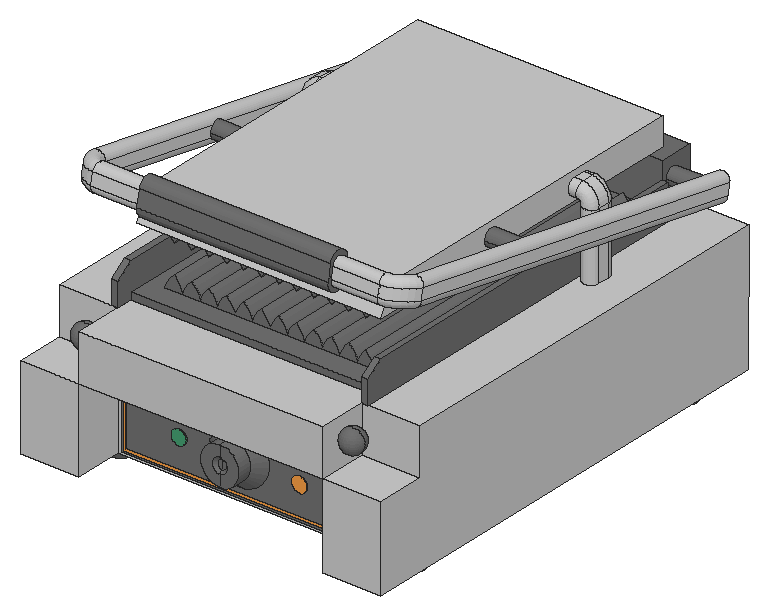
Revit family "QF_BLIZZARD_BRRCG1", category Specialty Equipment, Revit 2016
Family settings
  Part Type = Normal
  Round Connector Dimension = Use Diameter
  OmniClass Number = 23.40.40.14
  OmniClass Title = Food Service Equipment
  Work Plane-Based = No
  Always vertical = Yes
  Cut with Voids When Loaded = No
  Shared = No
  Room Calculation Point = No
Parameters (values of type "BRRCG1")
  URL = "www.blizzardequipment.com"
  Show Logo [instance] = yes
  Show Clearance [instance] = yes
  Model = "BRRCG1"
  Manufacturer = "BLIZZARD"
  Description = "1800W SINGLE CONTACT GRILL TOP & BOTTOM RIBBED"
  Assembly Code = "E1090320"
Reference planes
  plane 1 "Back": y = 0
  plane 2: z = 0
  plane 3 "Left": x = 0
  plane 4 "Right": x = 310
  plane 5 "Front": y = -395
  plane 6 "Top": z = 210
Forms (mm)
  Extrusion 1, solid
    sketch origin (-257.5, -351.4, -34) x (1, 0, 0) y (0, 0, 1)
      loop
        line (315, 118.638) -> (315, 58.638) -> (510, 58.638) -> (510, 118.638) -> (315, 118.638)
      loop
        line (313, 120.638) -> (313, 56.638) -> (512, 56.638) -> (512, 120.638) -> (313, 120.638)
    from 0 to 2
  Blend 2, solid
    base sketch origin (80.349, 323.214, 0) x (-1, 0, 0) y (0, -1, 0)
      loop
        circle (50.349, 353.214) r 10
    top sketch origin (80.349, 323.214, 0) x (-1, 0, 0) y (0, -1, 0)
      loop
        circle (50.349, 353.214) r 20
    from 0 to 18.638
  Revolve 3, solid
    sketch origin (155, 241.8, -11.985) x (0, 1, 0) y (0, 0, 1)
      loop
        line (-595, 92) -> (-603.953, 83.047) -> (-615.72, 83.047) -> (-615.72, 73.047) -> (-613.494, 70.821) -> (-613.494, 66.623) -> (-595, 66.623) -> (-595, 92)
      axis (-595, 66.623) -> (-615.72, 66.623)
    angle from 0 to 360
  Extrusion 4, solid
    sketch origin (50.474, -352.473, 298.429) x (0, 0, -1) y (1, 0, 0)
      loop
        circle (248.792, 52.683) r 6.466
    from -0.205 to 1.127
  Extrusion 5, solid, visible <- "Show Logo"
    sketch origin (37.37, -351.6, -70.354) x (1, 0, 0) y (0, 0, 1)
      loop
        arc (22.13, 139.05) -> (23.822, 134.965) -> (27.907, 133.273) r 5.777
        line (27.907, 133.273) -> (86.809, 133.273)
        arc (86.809, 133.273) -> (90.894, 134.965) -> (92.585, 139.05) r 5.777
        line (92.585, 139.05) -> (92.585, 147.215)
        arc (92.585, 147.215) -> (90.894, 151.299) -> (86.809, 152.991) r 5.777
        line (86.809, 152.991) -> (27.907, 152.991)
        arc (27.907, 152.991) -> (23.822, 151.299) -> (22.13, 147.215) r 5.777
        line (22.13, 147.215) -> (22.13, 139.05)
    from 0 to 2
  Extrusion 6, solid, visible <- "Show Logo"
    sketch origin (37.37, -351.8, -65.345) x (1, 0, 0) y (0, 0, 1)
      loop
        line (30.3, 133.137) -> (36.162, 133.137)
        arc (36.162, 133.137) -> (39.122, 134.994) -> (38.048, 138.319) r 2.844
        arc (38.048, 138.319) -> (38.838, 141.267) -> (36.338, 143.017) r 2.66
        line (36.338, 143.017) -> (31.338, 143.017) -> (30.3, 133.137)
      loop
        line (33.066, 135.126) -> (35.993, 135.126)
        arc (35.993, 135.126) -> (36.943, 136.076) -> (35.993, 137.026) r 0.95
        line (35.993, 137.026) -> (33.066, 137.026) -> (33.066, 135.126)
      loop
        line (33.528, 139.285) -> (36.147, 139.285)
        arc (36.147, 139.285) -> (36.994, 140.133) -> (36.147, 140.98) r 0.847
        line (36.147, 140.98) -> (33.528, 140.98) -> (33.528, 139.285)
      loop
        line (40.306, 133.137) -> (42.874, 133.137) -> (43.912, 143.017) -> (41.344, 143.017) -> (40.306, 133.137)
      loop
        line (45.174, 140.98) -> (47.749, 140.98) -> (47.964, 143.017) -> (45.389, 143.017) -> (45.174, 140.98)
      loop
        line (45.104, 140.313) -> (44.35, 133.137) -> (46.671, 133.137) -> (47.425, 140.313) -> (45.104, 140.313)
      loop
        line (48.314, 138.359) -> (51.196, 138.359) -> (47.765, 134.548) -> (47.765, 133.137) -> (54.184, 133.137) -> (54.393, 135.126) -> (51.213, 135.126) -> (54.657, 138.952) -> (54.657, 140.313) -> (48.519, 140.313) -> (48.314, 138.359)
      loop
        line (55.213, 138.359) -> (58.095, 138.359) -> (54.664, 134.548) -> (54.664, 133.137) -> (61.084, 133.137) -> (61.293, 135.126) -> (58.112, 135.126) -> (61.557, 138.952) -> (61.557, 140.313) -> (55.419, 140.313) -> (55.213, 138.359)
      loop
        arc (64.816, 137.983) -> (65.785, 138.952) -> (66.753, 137.983) r 0.969
        line (66.753, 137.983) -> (64.711, 137.436)
        arc (64.711, 137.436) -> (62.642, 134.297) -> (66.342, 133.633) r 2.251
        line (66.342, 133.633) -> (66.77, 132.921) -> (69.168, 132.921) -> (68.641, 134.052) -> (69.084, 138.274)
        arc (69.084, 138.274) -> (65.782, 140.567) -> (62.514, 138.225) r 3.488
        line (62.514, 138.225) -> (64.816, 137.983)
      loop
        line (69.848, 133.137) -> (72.232, 133.137) -> (72.59, 136.546)
        arc (72.59, 136.546) -> (73.413, 137.974) -> (75.025, 138.32) r 2.029
        line (75.025, 138.32) -> (75.83, 140.313)
        arc (75.83, 140.313) -> (74.279, 140.541) -> (72.927, 139.749) r 2.362
        line (72.927, 139.749) -> (72.927, 140.627) -> (70.635, 140.627) -> (69.848, 133.137)
      loop
        line (82.596, 133.137) -> (83.635, 143.017) -> (81.373, 143.017) -> (81.031, 139.764)
        arc (81.031, 139.764) -> (75.402, 137.124) -> (80.359, 133.372) r 3.631
        line (80.359, 133.372) -> (82.596, 133.137)
      loop
        spline (78.956, 134.82) -> (79.32, 134.851) -> (79.675, 135.016) -> (79.994, 135.304) -> (80.258, 135.695) -> (80.446, 136.164) -> (80.548, 136.677) -> (80.555, 137.2) -> (80.468, 137.697) -> (80.292, 138.134) -> (80.039, 138.483) -> (79.727, 138.718) -> (79.376, 138.823)
        spline (79.376, 138.823) -> (79.011, 138.793) -> (78.657, 138.628) -> (78.338, 138.34) -> (78.074, 137.948) -> (77.886, 137.48) -> (77.784, 136.967) -> (77.777, 136.444) -> (77.864, 135.947) -> (78.04, 135.509) -> (78.293, 135.161) -> (78.605, 134.926) -> (78.956, 134.82)
      loop
        line (66.385, 136.28) -> (64.729, 135.958)
        arc (64.729, 135.958) -> (64.361, 135.233) -> (65.042, 134.788) r 0.609
        arc (65.042, 134.788) -> (66.068, 135.215) -> (66.385, 136.28) r 1.295
      loop
        line (85.459, 146.184) -> (29.578, 146.184)
        arc (29.578, 146.184) -> (25.494, 144.492) -> (23.802, 140.407) r 5.777
        line (23.802, 140.407) -> (23.802, 135.662)
        arc (23.802, 135.662) -> (25.494, 131.578) -> (29.578, 129.886) r 5.777
        line (29.578, 129.886) -> (85.459, 129.886)
        arc (85.459, 129.886) -> (89.544, 131.578) -> (91.236, 135.662) r 5.777
        line (91.236, 135.662) -> (91.236, 140.407)
        arc (91.236, 140.407) -> (89.544, 144.492) -> (85.459, 146.184) r 5.777
      loop
        line (85.459, 145.184) -> (29.578, 145.184)
        arc (29.578, 145.184) -> (26.201, 143.785) -> (24.802, 140.407) r 4.777
        line (24.802, 140.407) -> (24.802, 135.662)
        arc (24.802, 135.662) -> (26.201, 132.285) -> (29.578, 130.886) r 4.777
        line (29.578, 130.886) -> (85.459, 130.886)
        arc (85.459, 130.886) -> (88.837, 132.285) -> (90.236, 135.662) r 4.777
        line (90.236, 135.662) -> (90.236, 140.407)
        arc (90.236, 140.407) -> (88.837, 143.785) -> (85.459, 145.184) r 4.777
    from 0 to 2
  Extrusion 7, solid
    sketch origin (154.16, -352.473, 298.429) x (0, 0, -1) y (1, 0, 0)
      loop
        circle (248.792, 52.683) r 6.466
    from -0.205 to 1.127
  Extrusion 8, solid
    sketch origin (0, 0, 18.638) x (0, 1, 0) y (0, 0, 1)
      loop
        line (0, 112) -> (-353, 112) -> (-353, 72) -> (-395, 72) -> (-395, 0) -> (0, 0) -> (0, 112)
    from 0 to 50
  Extrusion 9, solid
    sketch origin (260, 0, 18.638) x (0, 1, 0) y (0, 0, 1)
      loop
        line (0, 112) -> (-353, 112) -> (-353, 72) -> (-395, 72) -> (-395, 0) -> (0, 0) -> (0, 112)
    from 0 to 50
  Extrusion 10, solid
    sketch origin (0, 0, -79.362) x (0, 1, 0) y (0, 0, 1)
      loop
        line (0, 210) -> (-395, 210) -> (-395, 170) -> (0, 170) -> (0, 210)
    from 50 to 260
  Extrusion 11, solid
    sketch origin (0, 0, 18.638) x (1, 0, 0) y (0, 0, 1)
      loop
        line (50, 72) -> (50, 0) -> (260, 0) -> (260, 72) -> (50, 72)
    from 0 to 353
  Extrusion 12, solid
    sketch origin (-257.5, -351.2, -34) x (1, 0, 0) y (0, 0, 1)
      loop
        line (311, 122.638) -> (311, 54.638) -> (514, 54.638) -> (514, 122.638) -> (311, 122.638)
    from 0 to 2
  Extrusion 13, solid
    sketch origin (45, 0, 0) x (0, 1, 0) y (0, 0, 1)
      loop
        line (-29.799, 130.638) -> (-29.799, 160.638) -> (-339.011, 160.638) -> (-353, 150.638) -> (-353, 130.638) -> (-29.799, 130.638)
    from 0 to 5
  Extrusion 14, solid
    sketch origin (260, 0, 0) x (0, 1, 0) y (0, 0, 1)
      loop
        line (-29.799, 130.638) -> (-29.799, 160.638) -> (-339.011, 160.638) -> (-353, 150.638) -> (-353, 130.638) -> (-29.799, 130.638)
    from 0 to 5
  Extrusion 15, solid
    sketch origin (0, 0, 0) x (1, 0, 0) y (0, 1, 0)
      loop
        line (50, 0) -> (50, -339.011) -> (260, -339.011) -> (260, 0) -> (50, 0)
    from 130.638 to 136.638
  Extrusion 16, solid
    sketch origin (0, 0, 0) x (1, 0, 0) y (0, 0, 1)
      loop
        line (64.445, 136.638) -> (245.555, 136.638)
        arc (245.555, 136.638) -> (242.349, 143.424) -> (237.5, 149.152) r 28.813
        arc (237.5, 149.152) -> (233.111, 144.117) -> (230, 138.208) r 28.813
        arc (230, 138.208) -> (226.889, 144.117) -> (222.5, 149.152) r 28.813
        arc (222.5, 149.152) -> (218.111, 144.117) -> (215, 138.208) r 28.813
        arc (215, 138.208) -> (211.889, 144.117) -> (207.5, 149.152) r 28.813
        arc (207.5, 149.152) -> (203.111, 144.117) -> (200, 138.208) r 28.813
        arc (200, 138.208) -> (196.889, 144.117) -> (192.5, 149.152) r 28.813
        arc (192.5, 149.152) -> (188.111, 144.117) -> (185, 138.208) r 28.813
        arc (185, 138.208) -> (181.889, 144.117) -> (177.5, 149.152) r 28.813
        arc (177.5, 149.152) -> (173.111, 144.117) -> (170, 138.208) r 28.813
        arc (170, 138.208) -> (166.889, 144.117) -> (162.5, 149.152) r 28.813
        arc (162.5, 149.152) -> (158.111, 144.117) -> (155, 138.208) r 28.813
        arc (155, 138.208) -> (151.889, 144.117) -> (147.5, 149.152) r 28.813
        arc (147.5, 149.152) -> (143.111, 144.117) -> (140, 138.208) r 28.813
        arc (140, 138.208) -> (136.889, 144.117) -> (132.5, 149.152) r 28.813
        arc (132.5, 149.152) -> (128.111, 144.117) -> (125, 138.208) r 28.813
        arc (125, 138.208) -> (121.889, 144.117) -> (117.5, 149.152) r 28.813
        arc (117.5, 149.152) -> (113.111, 144.117) -> (110, 138.208) r 28.813
        arc (110, 138.208) -> (106.889, 144.117) -> (102.5, 149.152) r 28.813
        arc (102.5, 149.152) -> (98.111, 144.117) -> (95, 138.208) r 28.813
        arc (95, 138.208) -> (91.889, 144.117) -> (87.5, 149.152) r 28.813
        arc (87.5, 149.152) -> (83.111, 144.117) -> (80, 138.208) r 28.813
        arc (80, 138.208) -> (76.889, 144.117) -> (72.5, 149.152) r 28.813
        arc (72.5, 149.152) -> (67.651, 143.424) -> (64.445, 136.638) r 28.813
    from 44.375 to 320
  Extrusion 17, solid
    sketch origin (0, 0, 334.638) x (0, 1, 0) y (0, 0, 1)
      loop
        line (-29.799, -124.638) -> (-318.953, -124.638) -> (-332.038, -148.123) -> (-29.799, -148.123) -> (-29.799, -124.638)
    from 50 to 260
  Extrusion 18, solid
    sketch origin (0, 0, 323.152) x (1, 0, 0) y (0, 0, 1)
      loop
        arc (64.445, -136.638) -> (67.651, -143.424) -> (72.5, -149.152) r 28.813
        arc (72.5, -149.152) -> (76.889, -144.117) -> (80, -138.208) r 28.813
        arc (80, -138.208) -> (83.111, -144.117) -> (87.5, -149.152) r 28.813
        arc (87.5, -149.152) -> (91.889, -144.117) -> (95, -138.208) r 28.813
        arc (95, -138.208) -> (98.111, -144.117) -> (102.5, -149.152) r 28.813
        arc (102.5, -149.152) -> (106.889, -144.117) -> (110, -138.208) r 28.813
        arc (110, -138.208) -> (113.111, -144.117) -> (117.5, -149.152) r 28.813
        arc (117.5, -149.152) -> (121.889, -144.117) -> (125, -138.208) r 28.813
        arc (125, -138.208) -> (128.111, -144.117) -> (132.5, -149.152) r 28.813
        arc (132.5, -149.152) -> (136.889, -144.117) -> (140, -138.208) r 28.813
        arc (140, -138.208) -> (143.111, -144.117) -> (147.5, -149.152) r 28.813
        arc (147.5, -149.152) -> (151.889, -144.117) -> (155, -138.208) r 28.813
        arc (155, -138.208) -> (158.111, -144.117) -> (162.5, -149.152) r 28.813
        arc (162.5, -149.152) -> (166.889, -144.117) -> (170, -138.208) r 28.813
        arc (170, -138.208) -> (173.111, -144.117) -> (177.5, -149.152) r 28.813
        arc (177.5, -149.152) -> (181.889, -144.117) -> (185, -138.208) r 28.813
        arc (185, -138.208) -> (188.111, -144.117) -> (192.5, -149.152) r 28.813
        arc (192.5, -149.152) -> (196.889, -144.117) -> (200, -138.208) r 28.813
        arc (200, -138.208) -> (203.111, -144.117) -> (207.5, -149.152) r 28.813
        arc (207.5, -149.152) -> (211.889, -144.117) -> (215, -138.208) r 28.813
        arc (215, -138.208) -> (218.111, -144.117) -> (222.5, -149.152) r 28.813
        arc (222.5, -149.152) -> (226.889, -144.117) -> (230, -138.208) r 28.813
        arc (230, -138.208) -> (233.111, -144.117) -> (237.5, -149.152) r 28.813
        arc (237.5, -149.152) -> (242.349, -143.424) -> (245.555, -136.638) r 28.813
        line (245.555, -136.638) -> (64.445, -136.638)
    from 44.375 to 320
  Extrusion 19, solid
    sketch origin (-7.718, 0, 0) x (0, 1, 0) y (0, 0, 1)
      loop
        line (0, 175.551) -> (-29.799, 175.551) -> (-29.799, 136.638) -> (0, 136.638) -> (0, 175.551)
    from 57.718 to 267.718
  Sweep 20, solid
    path origin (0, 6.142, 154.657) x (1, 0, 0) y (0, 0.981627, -0.190809)
      loop
        line (17.517, -14.374) -> (17.517, -348.847)
        arc (17.517, -348.847) -> (22.864, -358.499) -> (32.517, -363.847) r 20
        line (32.517, -363.847) -> (277.483, -363.847)
        arc (277.483, -363.847) -> (287.136, -358.499) -> (292.483, -348.847) r 20
        line (292.483, -348.847) -> (292.483, -14.374)
    profile origin (17.517, -172.132, 189.31) x (1, 0, 0) y (0, 0.190809, 0.981627)
      loop
        line (6.764, -4.744) -> (6.764, 4.744)
        arc (6.764, 4.744) -> (0, 11.508) -> (-6.764, 4.744) r 6.764
        line (-6.764, 4.744) -> (-6.764, -4.744)
        arc (-6.764, -4.744) -> (0, -11.508) -> (6.764, -4.744) r 6.764
  Extrusion 21, solid
    sketch origin (0, 0, 0) x (0, 1, 0) y (0, 0, 1)
      loop
        circle (-19.343, 160.127) r 7.212
    from 24.281 to 50
  Extrusion 22, solid
    sketch origin (215.719, 0, 0) x (0, 1, 0) y (0, 0, 1)
      loop
        circle (-19.343, 160.127) r 7.212
    from 44.281 to 70
  Extrusion 23, solid
    sketch origin (0, -195, 38.131) x (0, 1, 0) y (0, 0, 1)
      loop
        circle (-19.343, 160.127) r 7.212
    from 24.281 to 50
  Extrusion 24, solid
    sketch origin (310, -195, 38.131) x (0, 1, 0) y (0, 0, -1)
      loop
        circle (-19.343, -160.127) r 7.212
    from 24.281 to 50
  Extrusion 25, solid
    sketch origin (0, 0, 0) x (0, 1, 0) y (0, 0, 1)
      loop
        line (-343.703, 215.79) -> (-341.129, 229.03)
        arc (-341.129, 229.03) -> (-348.061, 239.306) -> (-358.336, 232.374) r 8.764
        line (-358.336, 232.374) -> (-360.91, 219.134)
        arc (-360.91, 219.134) -> (-353.979, 208.859) -> (-343.703, 215.79) r 8.764
    from 73.081 to 237.644
  Revolve 26, solid
    sketch origin (14.462, -375, -2.309) x (1, 0, 0) y (0, 0, 1)
      loop
        line (25.427, 107.419) -> (25.427, 127.419)
        arc (25.427, 127.419) -> (15.427, 117.419) -> (25.427, 107.419) r 10
      axis (25.427, 107.419) -> (25.427, 127.419)
    angle from 0 to 360
  Revolve 27, solid
    sketch origin (295.538, -375, -2.309) x (-1, 0, 0) y (0, 0, -1)
      loop
        arc (25.427, -107.419) -> (15.427, -117.419) -> (25.427, -127.419) r 10
        line (25.427, -127.419) -> (25.427, -107.419)
      axis (25.427, -107.419) -> (25.427, -127.419)
    angle from 0 to 360
  Sweep 28, solid
    path origin (0, -120, 0) x (1, 0, 0) y (0, 0, 1)
      loop
        line (35, 130.638) -> (35, 188.257)
        arc (35, 188.257) -> (36.995, 194.573) -> (42.5, 198.257) r 10
        line (42.5, 198.257) -> (50, 198.257)
    profile origin (35, -120, 159.447) x (-1, 0, 0) y (0, -1, 0)
      loop
        line (6.815, -5) -> (6.815, 5)
        arc (6.815, 5) -> (0, 11.815) -> (-6.815, 5) r 6.815
        line (-6.815, 5) -> (-6.815, -5)
        arc (-6.815, -5) -> (0, -11.815) -> (6.815, -5) r 6.815
  Sweep 29, solid
    path origin (310, -120, 0) x (-1, 0, 0) y (0, 0, -1)
      loop
        line (35, -130.638) -> (35, -188.257)
        arc (35, -188.257) -> (36.995, -194.573) -> (42.5, -198.257) r 10
        line (42.5, -198.257) -> (50, -198.257)
    profile origin (275, -120, 159.447) x (-1, 0, 0) y (0, -1, 0)
      loop
        arc (-6.815, -5) -> (0, -11.815) -> (6.815, -5) r 6.815
        line (6.815, -5) -> (6.815, 5)
        arc (6.815, 5) -> (0, 11.815) -> (-6.815, 5) r 6.815
        line (-6.815, 5) -> (-6.815, -5)
  Blend 30, solid
    base sketch origin (229.651, 323.214, 0) x (1, 0, 0) y (0, 1, 0)
      loop
        circle (50.349, -353.214) r 10
    top sketch origin (229.651, 323.214, 0) x (1, 0, 0) y (0, 1, 0)
      loop
        circle (50.349, -353.214) r 20
    from 0 to 18.638
  Blend 31, solid
    base sketch origin (229.651, -676.214, 0) x (1, 0, 0) y (0, 1, 0)
      loop
        circle (50.349, 353.214) r 10
    top sketch origin (229.651, -676.214, 0) x (1, 0, 0) y (0, 1, 0)
      loop
        circle (50.349, 353.214) r 20
    from 0 to 18.638
  Blend 32, solid
    base sketch origin (80.349, -676.214, 0) x (-1, 0, 0) y (0, -1, 0)
      loop
        circle (50.349, -353.214) r 10
    top sketch origin (80.349, -676.214, 0) x (-1, 0, 0) y (0, -1, 0)
      loop
        circle (50.349, -353.214) r 20
    from 0 to 18.638
Lines and regions (mm)
  reference lines
    curve 1: line (0, -183.475, 1485) -> (0, -697.791, 1021.908)
  symbolic lines, style "200-EquipBorder-2D"
    curve 2: line (0, 0, 0) -> (310, 0, 0)
    curve 3: line (0, -395, 0) -> (0, 0, 0)
    curve 4: line (310, -395, 0) -> (0, -395, 0)
    curve 5: line (310, 0, 0) -> (310, -395, 0)
  symbolic lines, style "200-EquipInternal-2D"
    curve 6: line (45, -29.799, 0) -> (265, -29.799, 0)
    curve 7: line (45, -339.011, 0) -> (45, -29.799, 0)
    curve 8: line (265, -29.799, 0) -> (265, -339.011, 0)
    curve 9: line (10.752, -8.873, 0) -> (10.752, -337.516, 0)
    curve 10: line (24.204, -8.873, 0) -> (24.204, -334.569, 0)
    curve 11: line (33.081, -343.446, 0) -> (73.081, -343.446, 0)
    curve 12: line (73.081, -343.446, 0) -> (73.081, -340.946, 0)
    curve 13: arc (33.081, -343.446, 0) -> (27.725, -339.924, 0) -> (24.204, -334.569, 0) r 15.838
    curve 14: line (237.644, -343.446, 0) -> (237.644, -340.946, 0)
    curve 15: line (237.644, -340.946, 0) -> (73.081, -340.946, 0)
    curve 16: line (73.081, -358.594, 0) -> (73.081, -361.094, 0)
    curve 17: line (237.644, -358.594, 0) -> (237.644, -361.094, 0)
    curve 18: line (237.644, -361.094, 0) -> (73.081, -361.094, 0)
    curve 19: line (73.081, -358.594, 0) -> (31.83, -358.594, 0)
    curve 20: arc (31.83, -358.594, 0) -> (16.926, -352.42, 0) -> (10.752, -337.516, 0) r 21.078
    curve 21: line (45, -339.011, 0) -> (265, -339.011, 0)
    curve 22: line (277.644, -343.446, 0) -> (237.644, -343.446, 0)
    curve 23: arc (277.644, -343.446, 0) -> (283, -339.924, 0) -> (286.521, -334.569, 0) r 15.838
    curve 24: line (237.644, -358.594, 0) -> (278.895, -358.594, 0)
    curve 25: arc (278.895, -358.594, 0) -> (293.799, -352.42, 0) -> (299.973, -337.516, 0) r 21.078
    curve 26: line (299.973, -9.741, 0) -> (299.973, -337.516, 0)
    curve 27: line (286.521, -9.741, 0) -> (286.521, -334.569, 0)
    curve 28: line (10.752, -8.873, 0) -> (24.204, -8.873, 0)
    curve 29: line (286.521, -9.741, 0) -> (299.973, -9.741, 0)
    curve 30: line (73.081, -358.594, 0) -> (73.081, -343.446, 0)
    curve 31: line (237.644, -358.594, 0) -> (237.644, -343.446, 0)
    curve 32: line (45, -207.13, 0) -> (24.204, -207.13, 0)
    curve 33: line (45, -221.555, 0) -> (24.204, -221.555, 0)
    curve 34: line (265, -207.13, 0) -> (286.521, -207.13, 0)
    curve 35: line (265, -221.555, 0) -> (286.521, -221.555, 0)
Dimensions and locks
  plane 3 "Left" to plane 4 "Right" = 310 mm
  plane 5 "Front" to plane 1 "Back" = 395 mm
  plane 1 "Back" to plane 5 "Front" = 395 mm
  plane 4 "Right" to plane 3 "Left" = 310 mm
  plane 6 "Top" to level = 210 mm  (x2)
  aligned and locked: level to plane 2
